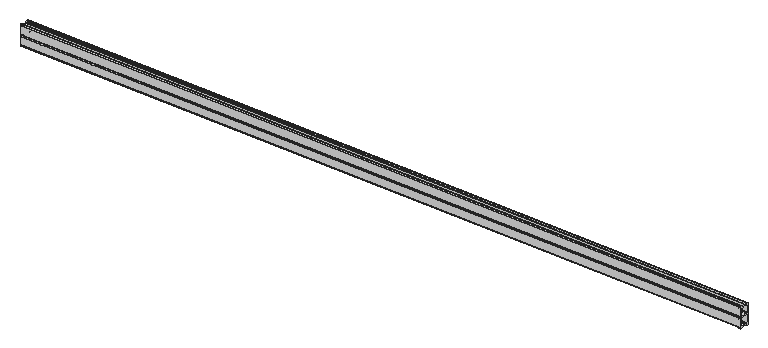
Revit family "P1001", category Generic Models, Revit 2020
Family settings
  Can host rebar = No
  Round Connector Dimension = Use Diameter
  Part Type = Normal
  Cut with Voids When Loaded = No
  Shared = No
  Room Calculation Point = No
Parameters (values of type "P1001 PG")
  Weight [instance] = Unit Weight * [built-in parameter 1001306]  # 38.400 lbm
  Unit Weight = 3.840 lb/ft
  URL = "https://www.atkore.com/products/strut-and-fittings/p1001"
  UPC-20ft = "\"0786364100302\""
  UPC-10ft = "\"0786364100319\""
  Salsify ID6 = " "
  Salsify ID5 = " "
  Salsify ID4 = " "
  Salsify ID3 = " "
  Salsify ID2 = " "
  Salsify ID1 = "US-P1001"
  Power-Strut Part Number = "PS 200 2T3 PGAL"
  Part Number = "P1001 PG"
  Model = "P1001"
  Material = Pre-Galvanized
  Manufacturer = "Atkore Unistrut"
  built-in parameter 1001306 [instance] = 120.000"
  Horizontal Offset [instance] = Height / 2 * sin([Cross-Section Rotation])  # 0.000"
  Height = 3.250"
  Vertical Offset [instance] = -Height / 2 * cos([Cross-Section Rotation])  # -1.625"
  Disclaimer = ""
  Description = "P1001 - 1-5/8 x 3-1/4 - 12 Gauge Back-to-Back Solid - GenericModels"
  Default Elevation = 0.000"
  Cut_Length [instance] = [built-in parameter 1001306]  # 120.000"
  Cross-Section Rotation [instance] = 0.00°
Types (7): name | Weight | Unit Weight | UPC-20ft | UPC-10ft | Salsify ID6 | Salsify ID5 | Salsify ID4 | Salsify ID3 | Salsify ID2 | Power-Strut Part Number | Part Number | Material
  P1001 SS | 38.400 lbm | 3.840 lb/ft | "\"786364014074\"" | "\"0786364014012\"" | " " | " " | " " | " " | " " | "PS 200 2T3 SS" | "P1001 SS" | Stainless Steel
  P1001 ZD | 38.400 lbm | 3.840 lb/ft | "\"786364057521\"" | "\"786364057514\"" | "" | "" | "" | "" | "" | "" | "P1001 ZD" | Zinc Dichromate
  P1001 PG | 38.400 lbm | 3.840 lb/ft | "\"0786364100302\"" | "\"0786364100319\"" | " " | " " | " " | " " | " " | "PS 200 2T3 PGAL" | "P1001 PG" | Pre-Galvanized
  P1001 PL | 38.400 lbm | 3.840 lb/ft | "\"786364014067\"" | "\"786364014005\"" | "" | "" | "" | "" | "" | "" | "P1001 PL" | Plain
  P1001 ST | 38.000 lbm | 3.800 lb/ft | "\"786364014081\"" | "\"0786364907895\"" | " " | " " | " " | " " | " " | "PS 200 2T3 ST" | "P1001 ST" | Stainless Steel
  P1001 GR | 38.400 lbm | 3.840 lb/ft | "\"0786364100104\"" | "\"0786364100111\"" | " " | " " | " " | " " | " " | "PS 200 2T3 GRN" | "P1001 GR" | Green
  P1001 DF | 38.000 lbm | 3.800 lb/ft | "\"786364051819\"" | "\"786364051802\"" | "" | "" | "" | "" | "" | "" | "P1001 DF" | Defender
Reference planes (in)
  plane 1 "Center (Front/Back)": y = 0
  plane 2: z = 0
  plane 3 "Left": x = 0
  plane 4 "Right": x = 120
Forms (in)
  Sweep 1, solid, material "Pre-Galvanized" <- "Material", detail levels fine
    path in 3D
      loop
        line (0, 0, 0) -> (120, 0, 0)
    profile "Single Channel Profiles : P1000" origin (60, 0, 0) x (0, 1, 0) y (0, 0, 1)
      loop
        line (-0.51772, -0.27559) -> (-0.41929, -0.27559) -> (-0.41929, -0.16122)
        arc (-0.41929, -0.16122) -> (-0.46651, -0.04722) -> (-0.58051, 0) r 0.16122
        line (-0.58051, 0) -> (-0.62008, 0)
        arc (-0.62008, 0) -> (-0.75649, -0.0565) -> (-0.81299, -0.19291) r 0.19291
        line (-0.81299, -0.19291) -> (-0.81299, -1.46358)
        arc (-0.81299, -1.46358) -> (-0.76571, -1.57772) -> (-0.65157, -1.625) r 0.16142
        arc (-0.65157, -1.625) -> (-0.76571, -1.67228) -> (-0.81299, -1.78642) r 0.16142
        line (-0.81299, -1.78642) -> (-0.81299, -3.05709)
        arc (-0.81299, -3.05709) -> (-0.75649, -3.1935) -> (-0.62008, -3.25) r 0.19291
        line (-0.62008, -3.25) -> (-0.58051, -3.25)
        arc (-0.58051, -3.25) -> (-0.46651, -3.20278) -> (-0.41929, -3.08878) r 0.16122
        line (-0.41929, -3.08878) -> (-0.41929, -2.97441) -> (-0.51772, -2.97441) -> (-0.51772, -3.08904)
        arc (-0.51772, -3.08904) -> (-0.53617, -3.13359) -> (-0.58071, -3.15204) r 0.06299
        line (-0.58071, -3.15204) -> (-0.62008, -3.15204)
        arc (-0.62008, -3.15204) -> (-0.68689, -3.12436) -> (-0.71457, -3.05755) r 0.09449
        line (-0.71457, -3.05755) -> (-0.71457, -1.78642)
        arc (-0.71457, -1.78642) -> (-0.69612, -1.74188) -> (-0.65157, -1.72343) r 0.06299
        line (-0.65157, -1.72343) -> (0.65157, -1.72343)
        arc (0.65157, -1.72343) -> (0.69612, -1.74188) -> (0.71457, -1.78642) r 0.06299
        line (0.71457, -1.78642) -> (0.71457, -3.05755)
        arc (0.71457, -3.05755) -> (0.68689, -3.12436) -> (0.62008, -3.15204) r 0.09449
        line (0.62008, -3.15204) -> (0.58071, -3.15204)
        arc (0.58071, -3.15204) -> (0.53617, -3.13359) -> (0.51772, -3.08904) r 0.06299
        line (0.51772, -3.08904) -> (0.51772, -2.97441) -> (0.41929, -2.97441) -> (0.41929, -3.08878)
        arc (0.41929, -3.08878) -> (0.46651, -3.20278) -> (0.58051, -3.25) r 0.16122
        line (0.58051, -3.25) -> (0.62008, -3.25)
        arc (0.62008, -3.25) -> (0.75649, -3.1935) -> (0.81299, -3.05709) r 0.19291
        line (0.81299, -3.05709) -> (0.81299, -1.78642)
        arc (0.81299, -1.78642) -> (0.76571, -1.67228) -> (0.65157, -1.625) r 0.16142
        arc (0.65157, -1.625) -> (0.76571, -1.57772) -> (0.81299, -1.46358) r 0.16142
        line (0.81299, -1.46358) -> (0.81299, -0.19291)
        arc (0.81299, -0.19291) -> (0.75649, -0.0565) -> (0.62008, 0) r 0.19291
        line (0.62008, 0) -> (0.58051, 0)
        arc (0.58051, 0) -> (0.46651, -0.04722) -> (0.41929, -0.16122) r 0.16122
        line (0.41929, -0.16122) -> (0.41929, -0.27559) -> (0.51772, -0.27559) -> (0.51772, -0.16096)
        arc (0.51772, -0.16096) -> (0.53617, -0.11641) -> (0.58071, -0.09796) r 0.06299
        line (0.58071, -0.09796) -> (0.62008, -0.09796)
        arc (0.62008, -0.09796) -> (0.68689, -0.12564) -> (0.71457, -0.19245) r 0.09449
        line (0.71457, -0.19245) -> (0.71457, -1.46358)
        arc (0.71457, -1.46358) -> (0.69612, -1.50812) -> (0.65157, -1.52657) r 0.06299
        line (0.65157, -1.52657) -> (-0.65157, -1.52657)
        arc (-0.65157, -1.52657) -> (-0.69612, -1.50812) -> (-0.71457, -1.46358) r 0.06299
        line (-0.71457, -1.46358) -> (-0.71457, -0.19245)
        arc (-0.71457, -0.19245) -> (-0.68689, -0.12564) -> (-0.62008, -0.09796) r 0.09449
        line (-0.62008, -0.09796) -> (-0.58071, -0.09796)
        arc (-0.58071, -0.09796) -> (-0.53617, -0.11641) -> (-0.51772, -0.16096) r 0.06299
        line (-0.51772, -0.16096) -> (-0.51772, -0.27559)
  Sweep 2, solid, material "Pre-Galvanized" <- "Material", detail levels medium
    path in 3D
      loop
        line (0, 0, 0) -> (120, 0, 0)
    profile "Single Channel Profiles Medium : P1000" origin (60, 0, 0) x (0, 1, 0) y (0, 0, 1)
      loop
        line (-0.81299, 0) -> (-0.81299, -3.25) -> (-0.71457, -3.25) -> (-0.71457, -1.72343) -> (0.71457, -1.72343) -> (0.71457, -3.25) -> (0.81299, -3.25) -> (0.81299, 0) -> (0.71457, 0) -> (0.71457, -1.52657) -> (-0.71457, -1.52657) -> (-0.71457, 0) -> (-0.81299, 0)
Lines and regions (in)
  reference lines
    curve 1: line (0, 0, 0) -> (120, 0, 0)
    curve 5: line (0, 0, 0) -> (0, 0, -1.53397)
    curve 6: line (0, 0, 0) -> (0, 0, -4.01867)
  sketch lines
    curve 2: line (0, 0, 0) -> (120, 0, 0)
    curve 3: line (0, 0, 0) -> (120, 0, 0)
  model lines, detail levels coarse
    curve 4: line (0, 0, 0) -> (120, 0, 0)
Dimensions and locks (in)
  "built-in parameter 1001306": plane 3 "Left" to plane 4 "Right"
  "Cross-Section Rotation": angle curve 6 to plane 1 "Center (Front/Back)"
  aligned and locked: plane 4 "Right" to curve 1
  aligned and locked: plane 1 "Center (Front/Back)" to curve 1
  aligned and locked: plane 3 "Left" to curve 1
  aligned and locked: level to plane 2
  aligned and locked: plane 3 "Left" to curve 4
  aligned and locked: plane 4 "Right" to curve 4
  aligned and locked: plane 1 "Center (Front/Back)" to curve 4
  aligned and locked: plane 1 "Center (Front/Back)" to curve 5
Automatic sketch dimensions
  curve 6 to level = 0.000"
  curve 5 to curve 5 = 1.53397"
